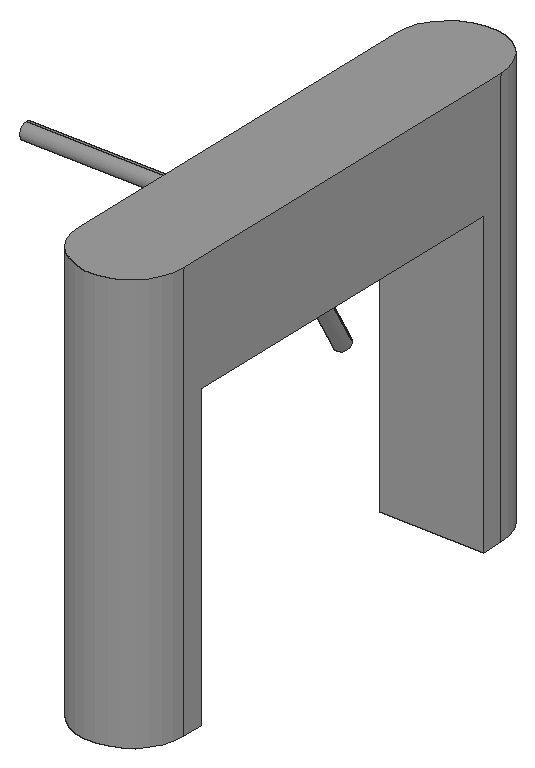
Revit family "ASSA_ABLOY_TS200", category Generic Models, Revit 2020
Family settings
  Can host rebar = No
  Round Connector Dimension = Use Diameter
  Part Type = Normal
  Work Plane-Based = No
  Always vertical = Yes
  Cut with Voids When Loaded = No
  Shared = No
  Room Calculation Point = No
Parameters (values of type "TS200")
  Width [instance] = 530.0 mm
  Weight = "Depends on configuration and size"
  WarrantyDescription = "Depends on country"
  Uniclass2 = ""
  URL = "https://www.assaabloyentrance.com"
  ThresholdRequired = no
  Shape = "Rectangular shaped"
  ServiceLifeDuration = "10-15 years"
  SerialNumber = "n/a"
  SelfClosing = yes
  SafetyDevices = "Force Limitations and Safety Sensors"
  ReplacementCost = "Depends on the configuration and door type"
  ReferenceStandard = "n/a"
  ProductionYear = "n/a"
  PassageWidthOptions = "530"
  OperatingTemperature = "-10º to +70ºC"
  NominalWidth = 758.0 mm
  NominalLength = 1200.0 mm
  NominalHeight = 1006.0 mm
  ModelReference = "Depends on the configuration"
  Model = "TS"
  Material = "Aluminum"
  ManufacturerURL = "https://www.assaabloyentrance.com"
  Manufacturer = "Tansa"
  LeafColourOptions = "All RAL, customer specific"
  IssueDate = "n/a"
  IsExternal = yes
  HasDrive = yes
  HandicapAccessible = no
  GlassType = "n/a"
  GlassThickness2 = 0.0 mm
  GlassThickness1 = 0.0 mm
  GlassLayers = 0
  FrameSeal = yes
  FrameProfile = "Aluminium"
  FrameFinishOptions = "Powder coated, Anodized, Clad in stainless steel, etc."
  Frame Material [instance] = AssaAbloy_Metal
  FireExit = yes
  Finish [instance] = "Powder coated, Anodized, stainless steel, customer specific"
  ElectronicLock = yes
  DrumWallOptions = "Metal"
  DoorsetOptions = "no"
  DoorsetOperation = "Automatic"
  DoorsetFasteners = "Screws"
  DoorIncluded = yes
  Description = "Tripod Turnstile"
  Default Elevation = 0.0 mm
  Construction Type = "Tripod turnstile"
  Colour = "Customer specific"
  Clearance Zone Material [instance] = AssaAbloy_Clearance
  Clearance Zone [instance] = no
  Capacity = "n/a"
  Burglar resistance = "No"
  BreakoutFacility = no
  Author = "agtatec"
  AntiFingerTrapRequirement = no
  Anti-tailgating/Anti-piggybacking = "No"
  AccessoryOptions = "Contact manufacturer"
  Access control/Biometrics = "Yes"
Reference planes
  plane 1 "Center (Front/Back)": y = 0
  plane 2: z = 0
  plane 3 "Center (Left/Right)": x = 0
  plane 4: x = -655
Dimensions and locks
  aligned and locked: level to plane 2
Nested families
  nested 1: "record_DurapodDT200_SidePanel" at (0, 0, 0), type "record_DurapodDT200_SidePanel"
  nested 2: "record_DurapodDT200_RevolvingElement" at (-42.512, 0, 806.012) x (0, 1, 0) z (-0.7071, 0, -0.7071), Frame Material <- "Frame Material", type "record_DurapodDT200_RevolvingElement"
  nested 3: "record_DurapodDT200_CZ" at (0, 0, 0), Clearance Zone <- "Clearance Zone", Clearance Zone Material <- "Clearance Zone Material", type "record_DurapodDT200_CZ"
    with Clearance Zone Material AssaAbloy_Clearance, Clearance Zone no
Definition of nested family "record_DurapodDT200_SidePanel"
  Parameters (values of type "record_DT200_SidePanel")
    Frame Material = none
    Default Elevation = 0.0 mm
  Reference planes
    plane 1 "Center (Front/Back)": y = 0
    plane 2: z = 0
    plane 3 "Center (Left/Right)": x = 0
  Forms (mm)
    Extrusion 1, solid, material <- "Frame Material", detail levels fine
      sketch origin (0, 0, 0) x (1, 0, 0) y (0, 1, 0)
        loop
          line (125, -475) -> (125, 475)
          arc (125, 475) -> (0, 600) -> (-125, 475) r 125
          line (-125, 475) -> (-125, -475)
          arc (-125, -475) -> (0, -600) -> (125, -475) r 125
      from 0 to 1006
    Extrusion 2, solid, material <- "Frame Material", detail levels coarse
      sketch origin (-0.1, 0, 0) x (1, 0, 0) y (0, 1, 0)
        loop
          line (125.1, -600) -> (125.1, 600) -> (-124.9, 600) -> (-124.9, -600) -> (125.1, -600)
      from 0 to 1006
    Extrusion 3, void
      sketch origin (0, 0, 0) x (1, 0, 0) y (0, 0, 1)
        loop
          line (-125, 0) -> (125, 0) -> (125, 723.5) -> (40, 723.5) -> (-125, 888.5) -> (-125, 0)
      from -423.5 to 423.5
    Extrusion 4, solid, material <- "Frame Material", detail levels medium
      sketch origin (-0.1, 0, 0) x (1, 0, 0) y (0, 1, 0)
        loop
          line (125.1, -600) -> (125.1, 600) -> (-124.9, 600) -> (-124.9, -600) -> (125.1, -600)
      from 0 to 1006
  Cuts and joins
    Extrusion 3 cuts Extrusion 1
    Extrusion 3 cuts Extrusion 4
  Dimensions and locks
    aligned and locked: level to plane 2
Definition of nested family "record_DurapodDT200_RevolvingElement"
  Parameters (values of type "record_DurapodDT200_RevolvingElement")
    Frame Material [instance] = none
    Default Elevation = 1219.2 mm
  Reference planes
    plane 1 "Center (Front/Back)": y = 0
    plane 2: z = 0
    plane 3 "Center (Left/Right)": x = 0
  Forms (mm)
    Extrusion 1, solid
      sketch origin (0, 0, 0) x (1, 0, 0) y (0, 1, 0)
        loop
          line (-1219.2, 1219.2) -> (-1219.2, -1219.2) -> (1219.2, -1219.2) -> (1219.2, 1219.2) -> (-1219.2, 1219.2)
      from 0 to -304.8
  Dimensions and locks
    aligned and locked: plane 2 to Extrusion 1
    aligned and locked: level to Extrusion 1
  Nested families
    nested 1: "record_DT_RevolvingElement_Free" at (0, 0, 0), type "record_DT_RevolvingElement_Free"
  Definition of nested family "record_DT_RevolvingElement_Free"
    Parameters (values of type "record_DT_RevolvingElement_Free")
      Rods Length = 519.8 mm  # constant formula
      Frame Material = none
      Default Elevation = 0.0 mm
    Reference planes
      plane 1 "Center (Front/Back)": y = 0
      plane 2: z = 0
      plane 3 "Center (Left/Right)": x = 0
      plane 4 "Rods": z = 37
      plane 5 "Rod 2": through (0, 0, 1200) normal (0.5, 0.866, 0)
      plane 6 "Rod 3": through (0, 0, 1200) normal (0.5, -0.866, 0)
      plane 7: through (0, 79.6, 20.378) normal (0, 0.7071, 0.7071)
      plane 8: through (0, 447.154, 387.932) normal (0, 0.7071, 0.7071)
      plane 9: through (0, 431.252, 403.693) normal (0, -0.7071, 0.7071)
      plane 10: through (44.538, -82.063, 20.378) normal (-0.6124, 0.3535, -0.7071)
      plane 11: through (380.233, -275.861, 367.866) normal (-0.6124, 0.3535, -0.7071)
      plane 12: through (349.095, -257.885, 403.709) normal (0.6124, -0.3535, -0.7071)
      plane 13: through (-423.126, -413.002, 545.382) normal (-0.6124, -0.3535, -0.7071)
      plane 14: through (-13.583, -176.572, -0.047) normal (-0.6124, -0.3535, 0.7071)
      plane 15: through (-331.901, -360.337, 367.508) normal (-0.6124, -0.3535, 0.7071)
    Forms (mm)
      Extrusion 1, solid, material <- "Frame Material", detail levels fine
        sketch origin (0, 0, 0) x (1, 0, 0) y (0, 1, 0)
          loop
            circle (0, 0) r 79.6
        from 0 to 20.4
      Sweep 2, solid, material <- "Frame Material", not visible, detail levels medium
        path origin (0, 0, 37) x (0, -1, 0) y (1, 0, 0)
          loop
            line (0, 60.877) -> (0, 685.877)
        profile origin (373.377, 0, 37) x (0, 1, 0) y (0, 0, 1)
          loop
            line (25.5, 1983) -> (-25.5, 1983) -> (-25.5, 1932) -> (25.5, 1932) -> (25.5, 1983)
          loop
            line (25.5, 1822) -> (-25.5, 1822) -> (-25.5, 1771) -> (25.5, 1771) -> (25.5, 1822)
          loop
            line (25.5, 1661) -> (-25.5, 1661) -> (-25.5, 1610) -> (25.5, 1610) -> (25.5, 1661)
          loop
            line (25.5, 1500) -> (-25.5, 1500) -> (-25.5, 1449) -> (25.5, 1449) -> (25.5, 1500)
          loop
            line (25.5, 1339) -> (-25.5, 1339) -> (-25.5, 1288) -> (25.5, 1288) -> (25.5, 1339)
          loop
            line (25.5, 1178) -> (-25.5, 1178) -> (-25.5, 1127) -> (25.5, 1127) -> (25.5, 1178)
          loop
            line (25.5, 1017) -> (-25.5, 1017) -> (-25.5, 966) -> (25.5, 966) -> (25.5, 1017)
          loop
            line (25.5, 856) -> (-25.5, 856) -> (-25.5, 805) -> (25.5, 805) -> (25.5, 856)
          loop
            line (25.5, 695) -> (-25.5, 695) -> (-25.5, 644) -> (25.5, 644) -> (25.5, 695)
          loop
            line (25.5, 534) -> (-25.5, 534) -> (-25.5, 483) -> (25.5, 483) -> (25.5, 534)
          loop
            line (25.5, 373) -> (-25.5, 373) -> (-25.5, 322) -> (25.5, 322) -> (25.5, 373)
          loop
            line (25.5, 212) -> (-25.5, 212) -> (-25.5, 161) -> (25.5, 161) -> (25.5, 212)
          loop
            line (25.5, 51) -> (-25.5, 51) -> (-25.5, 0) -> (25.5, 0) -> (25.5, 51)
      Sweep 3, solid, material <- "Frame Material", not visible, detail levels medium
        path origin (0, 0, 37) x (0, -1, 0) y (1, 0, 0)
          loop
            line (-52.722, -30.439) -> (-593.989, -342.946)
        profile origin (-186.693, 323.356, 37) x (-0.866021, -0.500007, 0) y (0, 0, 1)
          loop
            line (-25.5, 1932) -> (25.5, 1932) -> (25.5, 1983) -> (-25.5, 1983) -> (-25.5, 1932)
          loop
            line (-25.5, 1771) -> (25.5, 1771) -> (25.5, 1822) -> (-25.5, 1822) -> (-25.5, 1771)
          loop
            line (-25.5, 1610) -> (25.5, 1610) -> (25.5, 1661) -> (-25.5, 1661) -> (-25.5, 1610)
          loop
            line (-25.5, 1449) -> (25.5, 1449) -> (25.5, 1500) -> (-25.5, 1500) -> (-25.5, 1449)
          loop
            line (-25.5, 1288) -> (25.5, 1288) -> (25.5, 1339) -> (-25.5, 1339) -> (-25.5, 1288)
          loop
            line (-25.5, 1127) -> (25.5, 1127) -> (25.5, 1178) -> (-25.5, 1178) -> (-25.5, 1127)
          loop
            line (-25.5, 966) -> (25.5, 966) -> (25.5, 1017) -> (-25.5, 1017) -> (-25.5, 966)
          loop
            line (-25.5, 805) -> (25.5, 805) -> (25.5, 856) -> (-25.5, 856) -> (-25.5, 805)
          loop
            line (-25.5, 644) -> (25.5, 644) -> (25.5, 695) -> (-25.5, 695) -> (-25.5, 644)
          loop
            line (-25.5, 483) -> (25.5, 483) -> (25.5, 534) -> (-25.5, 534) -> (-25.5, 483)
          loop
            line (-25.5, 322) -> (25.5, 322) -> (25.5, 373) -> (-25.5, 373) -> (-25.5, 322)
          loop
            line (-25.5, 161) -> (25.5, 161) -> (25.5, 212) -> (-25.5, 212) -> (-25.5, 161)
          loop
            line (-25.5, 0) -> (25.5, 0) -> (25.5, 51) -> (-25.5, 51) -> (-25.5, 0)
      Sweep 4, solid, material <- "Frame Material", not visible, detail levels medium
        path origin (0, 0, 37) x (0, -1, 0) y (1, 0, 0)
          loop
            line (52.717, -30.446) -> (593.999, -342.919)
        profile origin (-186.682, -323.358, 37) x (0.86605, -0.499957, 0) y (0, 0, 1)
          loop
            line (-25.5, 1983) -> (-25.5, 1932) -> (25.5, 1932) -> (25.5, 1983) -> (-25.5, 1983)
          loop
            line (-25.5, 1822) -> (-25.5, 1771) -> (25.5, 1771) -> (25.5, 1822) -> (-25.5, 1822)
          loop
            line (-25.5, 1661) -> (-25.5, 1610) -> (25.5, 1610) -> (25.5, 1661) -> (-25.5, 1661)
          loop
            line (-25.5, 1500) -> (-25.5, 1449) -> (25.5, 1449) -> (25.5, 1500) -> (-25.5, 1500)
          loop
            line (-25.5, 1339) -> (-25.5, 1288) -> (25.5, 1288) -> (25.5, 1339) -> (-25.5, 1339)
          loop
            line (-25.5, 1178) -> (-25.5, 1127) -> (25.5, 1127) -> (25.5, 1178) -> (-25.5, 1178)
          loop
            line (-25.5, 1017) -> (-25.5, 966) -> (25.5, 966) -> (25.5, 1017) -> (-25.5, 1017)
          loop
            line (-25.5, 856) -> (-25.5, 805) -> (25.5, 805) -> (25.5, 856) -> (-25.5, 856)
          loop
            line (-25.5, 695) -> (-25.5, 644) -> (25.5, 644) -> (25.5, 695) -> (-25.5, 695)
          loop
            line (-25.5, 534) -> (-25.5, 483) -> (25.5, 483) -> (25.5, 534) -> (-25.5, 534)
          loop
            line (-25.5, 373) -> (-25.5, 322) -> (25.5, 322) -> (25.5, 373) -> (-25.5, 373)
          loop
            line (-25.5, 212) -> (-25.5, 161) -> (25.5, 161) -> (25.5, 212) -> (-25.5, 212)
          loop
            line (-25.5, 51) -> (-25.5, 0) -> (25.5, 0) -> (25.5, 51) -> (-25.5, 51)
      Sweep 5, solid, material <- "Frame Material", not visible, detail levels fine
        path origin (0, 0, 37) x (0, -1, 0) y (1, 0, 0)
          loop
            line (0, 60.877) -> (0, 685.877)
        profile origin (373.377, 0, 37) x (0, 1, 0) y (0, 0, 1)
          loop
            circle (0, 25.5) r 25.5
          loop
            circle (0, 186.5) r 25.5
          loop
            circle (0, 347.5) r 25.5
          loop
            circle (0, 508.5) r 25.5
          loop
            circle (0, 669.5) r 25.5
          loop
            circle (0, 830.5) r 25.5
          loop
            circle (0, 991.5) r 25.5
          loop
            circle (0, 1152.5) r 25.5
          loop
            circle (0, 1313.5) r 25.5
          loop
            circle (0, 1474.5) r 25.5
          loop
            circle (0, 1635.5) r 25.5
          loop
            circle (0, 1796.5) r 25.5
          loop
            circle (0, 1957.5) r 25.5
      Sweep 6, solid, material <- "Frame Material", not visible, detail levels fine
        path origin (0, 0, 37) x (0, -1, 0) y (1, 0, 0)
          loop
            line (-52.722, -30.439) -> (-593.989, -342.946)
        profile origin (-186.693, 323.356, 37) x (-0.866021, -0.500007, 0) y (0, 0, 1)
          loop
            circle (0, 25.5) r 25.5
          loop
            circle (0, 186.5) r 25.5
          loop
            circle (0, 347.5) r 25.5
          loop
            circle (0, 508.5) r 25.5
          loop
            circle (0, 669.5) r 25.5
          loop
            circle (0, 830.5) r 25.5
          loop
            circle (0, 991.5) r 25.5
          loop
            circle (0, 1152.5) r 25.5
          loop
            circle (0, 1313.5) r 25.5
          loop
            circle (0, 1474.5) r 25.5
          loop
            circle (0, 1635.5) r 25.5
          loop
            circle (0, 1796.5) r 25.5
          loop
            circle (0, 1957.5) r 25.5
      Sweep 7, solid, material <- "Frame Material", not visible, detail levels fine
        path origin (0, 0, 37) x (0, -1, 0) y (1, 0, 0)
          loop
            line (52.717, -30.446) -> (593.999, -342.919)
        profile origin (-186.682, -323.358, 37) x (0.86605, -0.499957, 0) y (0, 0, 1)
          loop
            circle (0, 25.5) r 25.5
          loop
            circle (0, 186.5) r 25.5
          loop
            circle (0, 347.5) r 25.5
          loop
            circle (0, 508.5) r 25.5
          loop
            circle (0, 669.5) r 25.5
          loop
            circle (0, 830.5) r 25.5
          loop
            circle (0, 991.5) r 25.5
          loop
            circle (0, 1152.5) r 25.5
          loop
            circle (0, 1313.5) r 25.5
          loop
            circle (0, 1474.5) r 25.5
          loop
            circle (0, 1635.5) r 25.5
          loop
            circle (0, 1796.5) r 25.5
          loop
            circle (0, 1957.5) r 25.5
      Blend 8, solid, material <- "Frame Material", detail levels fine
        base sketch origin (0, 0, 0) x (1, 0, 0) y (0, 1, 0)
          loop
            circle (0, 0) r 79.601
        top sketch origin (0, 0, 0) x (1, 0, 0) y (0, 1, 0)
          loop
            circle (0, 0) r 31.441
        from 20.4 to 68.5
      Extrusion 9, solid, material <- "Frame Material", detail levels fine
        sketch origin (0, 0, 0) x (1, 0, 0) y (0, 1, 0)
          loop
            circle (0, 0) r 31.441
        from 71.601 to 68.5
      Sweep 10, solid, material <- "Frame Material", detail levels fine
        path origin (0, 0, 0) x (-0.866044, 0.499969, 0) y (0, 0, 1)
          loop
            line (-431.322, 403.765) -> (-60.232, 32.675)
        profile origin (212.854, -122.881, 218.22) x (-0.612385, 0.353531, 0.707107) y (0.499969, 0.866044, 0)
          loop
            circle (0, 0) r 19
      Sweep 11, solid, material <- "Frame Material", detail levels fine
        path origin (0, 0, 0) x (0, 1, 0) y (0, 0, -1)
          loop
            line (60.233, -32.674) -> (431.323, -403.764)
        profile origin (0, 245.778, 218.219) x (0, -0.707107, 0.707107) y (1, 0, 0)
          loop
            circle (0, 0) r 19
      Sweep 12, solid, material <- "Frame Material", detail levels fine
        path origin (0, 0, 0) x (0.866044, 0.499969, 0) y (0, 0, 1)
          loop
            line (-60.238, 32.688) -> (-431.328, 403.777)
        profile origin (-212.859, -122.884, 218.232) x (0.612385, 0.353531, 0.707107) y (-0.499969, 0.866044, 0)
          loop
            circle (0, 0) r 19
      Extrusion 13, solid, material <- "Frame Material", detail levels medium
        sketch origin (0, 0, 0) x (1, 0, 0) y (0, 1, 0)
          loop
            line (79.6, 79.6) -> (-79.6, 79.6) -> (-79.6, -79.6) -> (79.6, -79.6) -> (79.6, 79.6)
        from 0 to 20.4
      Sweep 14, solid, material <- "Frame Material", detail levels medium
        path origin (0, 0, 0) x (-0.866044, 0.499969, 0) y (0, 0, 1)
          loop
            line (-431.322, 403.765) -> (-27.557, 0)
        profile origin (198.705, -114.713, 201.882) x (-0.612385, 0.353531, 0.707107) y (0.499969, 0.866044, 0)
          loop
            line (-19, 19) -> (-19, -19) -> (19, -19) -> (19, 19) -> (-19, 19)
      Sweep 15, solid, material <- "Frame Material", detail levels medium
        path origin (0, 0, 0) x (0, 1, 0) y (0, 0, -1)
          loop
            line (27.559, 0) -> (431.323, -403.764)
        profile origin (0, 229.441, 201.882) x (0, -0.707107, 0.707107) y (1, 0, 0)
          loop
            line (-19, 19) -> (-19, -19) -> (19, -19) -> (19, 19) -> (-19, 19)
      Sweep 16, solid, material <- "Frame Material", detail levels medium
        path origin (0, 0, 0) x (0.866044, 0.499969, 0) y (0, 0, 1)
          loop
            line (-27.551, 0) -> (-431.328, 403.777)
        profile origin (-198.705, -114.713, 201.889) x (0.612385, 0.353531, 0.707107) y (-0.499969, 0.866044, 0)
          loop
            line (-19, -19) -> (19, -19) -> (19, 19) -> (-19, 19) -> (-19, -19)
      Extrusion 17, void
        sketch origin (0, 0, 0) x (1, 0, 0) y (0, 1, 0)
          loop
            line (79.6, 79.6) -> (-79.6, 79.6) -> (-79.6, -79.6) -> (79.6, -79.6) -> (79.6, 79.6)
        from -15 to 20.4
    Cuts and joins
      joined: Extrusion 1, Blend 8, Sweep 10, Sweep 11, Sweep 12
      Extrusion 17 cuts Sweep 15
      joined: Extrusion 13, Sweep 15
      Extrusion 17 cuts Sweep 16
      Extrusion 17 cuts Sweep 14
    Dimensions and locks
      "Rods Length": plane 7 to plane 8
      "Rods Length": plane 11 to plane 10
      Sweep 11 sketch curve to plane 7 = 5.0 mm
      plane 10 to Sweep 10 sketch curve = 5.0 mm
      plane 14 to Sweep 12 sketch curve = 5.0 mm
      "Rods Length": plane 15 to plane 14
      aligned and locked: level to plane 2
      aligned and locked: plane 9 to Sweep 11 sketch curve
      aligned and locked: plane 8 to Sweep 11 sketch curve
      aligned and locked: plane 12 to Sweep 10 sketch curve
      aligned and locked: plane 11 to Sweep 10 sketch curve
      aligned and locked: Sweep 12 sketch curve to plane 13
      aligned and locked: plane 15 to Sweep 12 sketch curve
      aligned and locked: plane 9 to Sweep 15 sketch curve
      aligned and locked: plane 8 to Sweep 15 sketch curve
      aligned and locked: Sweep 14 sketch curve to plane 12
      aligned and locked: plane 11 to Sweep 14 sketch curve
      aligned and locked: Sweep 16 sketch curve to plane 13
      aligned and locked: plane 15 to Sweep 16 sketch curve
    Automatic sketch dimensions
      Sweep 2 sketch curve to Sweep 2 sketch curve = 625.0 mm
      Sweep 2 sketch curve to Sweep 2 sketch curve = 0.0 mm  (x12)
      Sweep 2 sketch curve to Sweep 2 sketch curve = 51.0 mm  (x26)
      Sweep 2 sketch curve to Sweep 2 sketch curve = 110.0 mm  (x12)
      Sweep 3 sketch curve to Sweep 3 sketch curve = 541.267 mm
      Sweep 3 sketch curve to Sweep 3 sketch curve = 312.507 mm
      Sweep 3 sketch curve to Sweep 3 sketch curve = 0.0 mm  (x12)
      Sweep 3 sketch curve to Sweep 3 sketch curve = 51.0 mm  (x26)
      Sweep 3 sketch curve to Sweep 3 sketch curve = 110.0 mm  (x12)
      Sweep 4 sketch curve to Sweep 4 sketch curve = 541.283 mm
      Sweep 4 sketch curve to Sweep 4 sketch curve = 312.474 mm
      Sweep 4 sketch curve to Sweep 4 sketch curve = 0.0 mm  (x12)
      Sweep 4 sketch curve to Sweep 4 sketch curve = 51.0 mm  (x26)
      Sweep 4 sketch curve to Sweep 4 sketch curve = 110.0 mm  (x12)
      Sweep 5 sketch curve to Sweep 5 sketch curve = 625.0 mm
      Sweep 5 sketch curve to Sweep 5 sketch curve = 0.0 mm  (x12)
      Sweep 5 sketch curve to Sweep 5 sketch curve = 161.0 mm  (x12)
      Sweep 6 sketch curve to Sweep 6 sketch curve = 541.267 mm
      Sweep 6 sketch curve to Sweep 6 sketch curve = 312.507 mm
      Sweep 6 sketch curve to Sweep 6 sketch curve = 0.0 mm  (x12)
      Sweep 6 sketch curve to Sweep 6 sketch curve = 161.0 mm  (x12)
      Sweep 7 sketch curve to Sweep 7 sketch curve = 541.283 mm
      Sweep 7 sketch curve to Sweep 7 sketch curve = 312.474 mm
      Sweep 7 sketch curve to Sweep 7 sketch curve = 0.0 mm  (x12)
      Sweep 7 sketch curve to Sweep 7 sketch curve = 161.0 mm  (x12)
      plane 1 "Center (Front/Back)" to Extrusion 1 sketch curve = 0.0 mm
      plane 3 "Center (Left/Right)" to Extrusion 1 sketch curve = 0.0 mm
      plane 1 "Center (Front/Back)" to Blend 8 sketch curve = 0.0 mm  (x2)
      Blend 8 sketch curve to plane 3 "Center (Left/Right)" = 0.0 mm  (x2)
      plane 1 "Center (Front/Back)" to Extrusion 9 sketch curve = 0.0 mm
      plane 3 "Center (Left/Right)" to Extrusion 9 sketch curve = 0.0 mm
      plane 5 "Rod 2" to Sweep 10 sketch curve = 0.0 mm
      Sweep 10 sketch curve to profile plane = 0.0 mm
      Sweep 11 sketch curve to plane 3 "Center (Left/Right)" = 0.0 mm
      Sweep 11 sketch curve to profile plane = 0.0 mm
      Sweep 12 sketch curve to plane 6 "Rod 3" = 0.0 mm
      profile plane to Sweep 12 sketch curve = 0.0 mm
      Extrusion 13 sketch curve to plane 3 "Center (Left/Right)" = 79.6 mm
      plane 3 "Center (Left/Right)" to Extrusion 13 sketch curve = 79.6 mm
      plane 1 "Center (Front/Back)" to Extrusion 13 sketch curve = 79.6 mm
      Extrusion 13 sketch curve to plane 1 "Center (Front/Back)" = 79.6 mm
      Sweep 15 sketch curve to level = 0.0 mm
      plane 3 "Center (Left/Right)" to Sweep 15 sketch curve = 19.0 mm
      profile plane to Sweep 15 sketch curve = 19.0 mm
      Sweep 15 sketch curve to profile plane = 19.0 mm
      Sweep 15 sketch curve to plane 3 "Center (Left/Right)" = 19.0 mm
      Sweep 14 sketch curve to plane 5 "Rod 2" = 19.0 mm
      profile plane to Sweep 14 sketch curve = 19.0 mm
      Sweep 14 sketch curve to profile plane = 19.0 mm
      plane 5 "Rod 2" to Sweep 14 sketch curve = 19.0 mm
      Sweep 16 sketch curve to plane 6 "Rod 3" = 19.0 mm
      plane 6 "Rod 3" to Sweep 16 sketch curve = 19.0 mm
      profile plane to Sweep 16 sketch curve = 19.0 mm
      Sweep 16 sketch curve to profile plane = 19.0 mm
      level to Sweep 14 sketch curve = 0.0 mm
      Sweep 16 sketch curve to level = 0.0 mm
      Extrusion 17 sketch curve to plane 3 "Center (Left/Right)" = 79.6 mm
      plane 3 "Center (Left/Right)" to Extrusion 17 sketch curve = 79.6 mm
      plane 1 "Center (Front/Back)" to Extrusion 17 sketch curve = 79.6 mm
      Extrusion 17 sketch curve to plane 1 "Center (Front/Back)" = 79.6 mm
      radius of Sweep 5 sketch curve = 25.5 mm  (x13)
      radius of Sweep 6 sketch curve = 25.5 mm  (x13)
      radius of Sweep 7 sketch curve = 25.5 mm  (x13)
      radius of Extrusion 1 sketch curve = 79.6 mm
      radius of Blend 8 sketch curve = 79.601 mm
      radius of Blend 8 sketch curve = 31.441 mm
      radius of Extrusion 9 sketch curve = 31.441 mm
      radius of Sweep 10 sketch curve = 19.0 mm
      radius of Sweep 11 sketch curve = 19.0 mm
      radius of Sweep 12 sketch curve = 19.0 mm
Definition of nested family "record_DurapodDT200_CZ"
  Parameters (values of type "record_DurapodDT200_CZ")
    Default Elevation = 0.0 mm
    Clearance Zone Material [instance] = none
    Clearance Zone [instance] = yes
  Reference planes
    plane 1 "Center (Front/Back)": y = 0
    plane 2: z = 0
    plane 3 "Center (Left/Right)": x = 0
  Forms (mm)
    Extrusion 1, solid, material <- "Clearance Zone Material", visible <- "Clearance Zone"
      sketch origin (0, 0, 0) x (1, 0, 0) y (0, 1, 0)
        loop
          line (130, 605) -> (-130, 605) -> (-130, 450) -> (-638, 450) -> (-638, -450) -> (-130, -450) -> (-130, -605) -> (130, -605) -> (130, 605)
      from 0 to 1008
    Extrusion 2, void
      sketch origin (0, 0, 0) x (1, 0, 0) y (0, 0, 1)
        loop
          line (-697.81, 849.401) -> (-130, 849.401) -> (-130, 1039.401) -> (-697.81, 1039.401) -> (-697.81, 849.401)
      from -450 to 450
  Cuts and joins
    Extrusion 2 cuts Extrusion 1
  Dimensions and locks
    aligned and locked: level to plane 2
